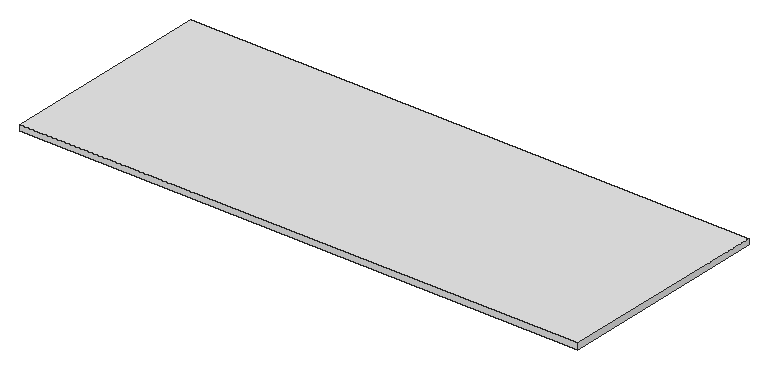
Revit family "2PB_умывальник", category Сантехнические приборы, Revit 2021
Family settings
  Размер круглого соединителя = Использовать диаметр
  Тип детали = Нормальный
  На основе рабочей плоскости = Нет
  Всегда вертикально = Да
  При загрузке вырезать с полостями = Нет
  Общий = Да
  Точка принадлежности помещению = Нет
Parameters (values of type "Раковина 1200 двойная")
  вторая раковина = yes
  Ширина чаши = 410.00 mm
  Привязка чаши = 275.00 mm
  Подключение к вентиляции = no
  Отметка по умолчанию = 0.00 mm
  Материал = ADSK_Керамика_Фаянс белый
  Высота столешницы [instance] = 900.00 mm
  Глубина = 460.00 mm
  Ширина = 1200.00 mm
Types (3, lengths in mm): name | вторая раковина | Ширина чаши | Привязка чаши | Материал | Глубина | Ширина
  Раковина 600 | no | 460.00 | 300.00 | none | 460.00 | 600.00
  Раковина 1200 двойная | yes | 410.00 | 275.00 | ADSK_Керамика_Фаянс белый | 460.00 | 1200.00
  Раковина 400 | no | 360.00 | 200.00 | none | 350.00 | 400.00
Reference planes
  plane 1 "По центру (Вперед/Назад)": y = 82.345
  plane 2: z = 0
  plane 3: y = 252.345
  plane 4: y = -207.655
  plane 5: x = -284.311
  plane 6: x = 915.689
  plane 7 "Верх столешницы": z = 900
  plane 8: z = 912.7
  plane 9: z = 684.1
  plane 10: x = -214.311
  plane 11: x = 195.689
  plane 12: z = 976.2
  plane 13: z = 938.1
  plane 14: y = 172.345
  plane 15: y = -167.655
  plane 16: x = -9.311
Forms (mm)
  Extrusion 1, solid, material "ADSK_Керамика_Фаянс белый" <- "Материал"
    sketch origin (0, 0, 0) x (1, 0, 0) y (0, 1, 0)
      loop
        line (-284.311, 252.345) -> (-284.311, -207.655) -> (915.689, -207.655) -> (915.689, 252.345) -> (-284.311, 252.345)
    from 900 to 912.7
Lines and regions (mm)
  Masking region 1
    outline origin (0, 0, 900) x (0, -1, 0) y (1, 0, 0)
      loop
        line (-252.345, -284.311) -> (207.655, -284.311) -> (207.655, 915.689) -> (-252.345, 915.689) -> (-252.345, -284.311)
  model lines
    curve 1: line (-194.311, 172.345, 912.7) -> (175.689, 172.345, 912.7)
    curve 2: line (195.689, 152.345, 912.7) -> (195.689, -147.655, 912.7)
    curve 3: line (175.689, -167.655, 912.7) -> (-194.311, -167.655, 912.7)
    curve 4: line (-214.311, -147.655, 912.7) -> (-214.311, 152.345, 912.7)
    curve 5: arc (-214.311, 152.345, 912.7) -> (-208.453, 166.488, 912.7) -> (-194.311, 172.345, 912.7) r 20
    curve 6: arc (175.689, 172.345, 912.7) -> (189.831, 166.488, 912.7) -> (195.689, 152.345, 912.7) r 20
    curve 7: arc (175.689, -167.655, 912.7) -> (189.831, -161.797, 912.7) -> (195.689, -147.655, 912.7) r 20
    curve 8: arc (-194.311, -167.655, 912.7) -> (-208.453, -161.797, 912.7) -> (-214.311, -147.655, 912.7) r 20
  model lines, style "PlumbingFixtures", detail levels medium+fine
    curve 9: arc (35.689, 82.345, 912.7) -> (15.689, 102.345, 912.7) -> (-4.311, 82.345, 912.7) r 20
    curve 10: arc (-4.311, 82.345, 912.7) -> (15.689, 62.345, 912.7) -> (35.689, 82.345, 912.7) r 20
  model lines, visible <- "вторая раковина"
    curve 11: line (455.689, 172.345, 912.7) -> (825.689, 172.345, 912.7)
    curve 12: line (845.689, 152.345, 912.7) -> (845.689, -147.655, 912.7)
    curve 13: line (825.689, -167.655, 912.7) -> (455.689, -167.655, 912.7)
    curve 14: line (435.689, -147.655, 912.7) -> (435.689, 152.345, 912.7)
    curve 15: arc (435.689, 152.345, 912.7) -> (441.547, 166.488, 912.7) -> (455.689, 172.345, 912.7) r 20
    curve 16: arc (825.689, 172.345, 912.7) -> (839.831, 166.488, 912.7) -> (845.689, 152.345, 912.7) r 20
    curve 17: arc (825.689, -167.655, 912.7) -> (839.831, -161.797, 912.7) -> (845.689, -147.655, 912.7) r 20
    curve 18: arc (455.689, -167.655, 912.7) -> (441.547, -161.797, 912.7) -> (435.689, -147.655, 912.7) r 20
  model lines, style "PlumbingFixtures", visible <- "вторая раковина", detail levels medium+fine
    curve 19: arc (685.689, 82.345, 912.7) -> (665.689, 102.345, 912.7) -> (645.689, 82.345, 912.7) r 20
    curve 20: arc (645.689, 82.345, 912.7) -> (665.689, 62.345, 912.7) -> (685.689, 82.345, 912.7) r 20
Dimensions and locks
  "Ширина": plane 5 to plane 6
  "Глубина": plane 4 to plane 3
  "Высота столешницы": plane 7 "Верх столешницы" to plane 2
  locked: plane 8 to plane 7 "Верх столешницы" at 12.7
  locked: plane 7 "Верх столешницы" to plane 9 at 215.9
  locked: plane 12 to plane 8 at 63.5
  locked: plane 13 to plane 8 at 25.4
  plane 3 to plane 14 = 80.00 mm
  plane 15 to plane 4 = 40.00 mm
  plane 15 to plane 14 = 340.00 mm
  "Привязка чаши": plane 5 to plane 16
  equal spacing: plane 10, plane 16, plane 11
  "Ширина чаши": plane 10 to plane 11
  "Ширина чаши": curve 14 to curve 12
  aligned and locked: Extrusion 1 sketch curve to plane 4
  aligned and locked: plane 6 to Extrusion 1 sketch curve
  aligned and locked: plane 3 to Extrusion 1 sketch curve
  aligned and locked: Extrusion 1 sketch curve to plane 5
  aligned and locked: plane 7 "Верх столешницы" to Extrusion 1
  aligned and locked: Extrusion 1 to plane 8
  aligned and locked: plane 6 to Masking region 1 sketch curve
  aligned and locked: plane 3 to Masking region 1 sketch curve
  aligned and locked: Masking region 1 sketch curve to plane 5
  aligned and locked: Masking region 1 sketch curve to plane 4
  aligned and locked: plane 14 to curve 1
  aligned and locked: plane 11 to curve 2
  aligned and locked: curve 4 to plane 10
  aligned and locked: curve 3 to plane 15
Automatic sketch dimensions
  curve 4 to curve 3 = 20.00 mm
  curve 5 to curve 5 = 20.00 mm
  curve 5 to curve 9 = 210.00 mm
  curve 3 to curve 2 = 20.00 mm
  curve 1 to curve 6 = 20.00 mm
  curve 18 to curve 13 = 20.00 mm
  curve 14 to curve 11 = 20.00 mm
  curve 15 to curve 19 = 210.00 mm
  curve 13 to Extrusion 1 = 40.00 mm
  curve 13 to Extrusion 1 = 90.00 mm
  curve 11 to Extrusion 1 = 90.00 mm
  curve 16 to curve 12 = 20.00 mm
  curve 9 to Extrusion 1 = 170.00 mm
  curve 20 to Extrusion 1 = 170.00 mm
  curve 14 to Extrusion 1 = 100.00 mm
  curve 9 to curve 9 = 20.00 mm
  curve 19 to curve 19 = 20.00 mm
  curve 9 to curve 9 = 0.00 mm  (x2)
  curve 19 to curve 19 = 0.00 mm  (x2)
